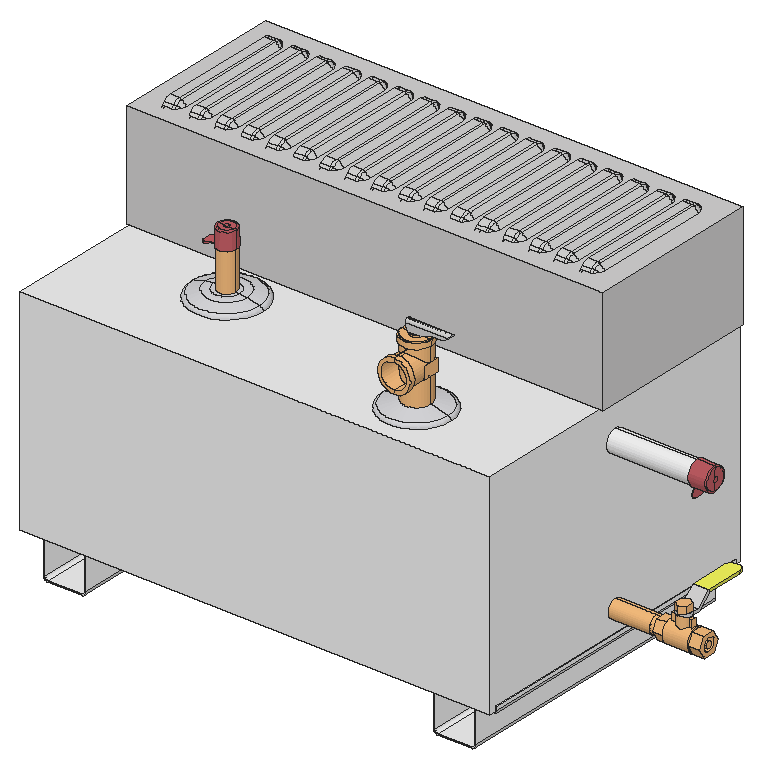
Revit family "Shower-Steam_Generator-KOHLER-Invigoration_Series-K-32328", category Plumbing Fixtures, host Face, Revit 2021 (continued)
Definition of nested family "K-32328"
  Lines and regions (in)
    Masking region 2
      outline origin (0, 0, 0) x (1, 0, 0) y (0, 0, 1)
        loop
          line (-8.96806, 4.8215) -> (-8.84613, 4.94343) -> (-8.84613, 5.37969) -> (-9.04298, 5.37969) -> (-9.04298, 5.68322)
          arc (-9.04298, 5.68322) -> (-9.02345, 5.78138) -> (-8.96785, 5.8646) r 0.25651
          line (-8.96785, 5.8646) -> (-8.84591, 5.98653) -> (-8.84591, 6.42279) -> (-9.04276, 6.42279) -> (-9.04276, 6.72632)
          arc (-9.04276, 6.72632) -> (-9.02324, 6.82448) -> (-8.96764, 6.90769) r 0.25651
          line (-8.96764, 6.90769) -> (-8.8457, 7.02963) -> (-8.8457, 7.46589) -> (-9.04255, 7.46589) -> (-9.04255, 7.76941)
          arc (-9.04255, 7.76941) -> (-9.02303, 7.86758) -> (-8.96742, 7.95079) r 0.25651
          line (-8.96742, 7.95079) -> (-8.84549, 8.07273) -> (-8.84549, 8.46199)
          arc (-8.84549, 8.46199) -> (-8.85054, 8.49091) -> (-8.85927, 8.51894) r 0.22767
          line (-8.85927, 8.51894) -> (-8.89475, 8.61134)
          arc (-8.89475, 8.61134) -> (-8.90291, 8.64358) -> (-8.90566, 8.67672) r 0.20122
          line (-8.90566, 8.67672) -> (-8.90566, 9.03915) -> (-8.90566, 9.33683) -> (-8.86622, 9.33683) -> (-8.86622, 9.48819)
          arc (-8.86622, 9.48819) -> (-8.84316, 9.54387) -> (-8.78748, 9.56693) r 0.07874
          arc (-8.78748, 9.56693) -> (-8.84316, 9.58999) -> (-8.86622, 9.64567) r 0.07874
          line (-8.86622, 9.64567) -> (-8.86622, 12.79703) -> (-8.90551, 12.79703) -> (-8.90551, 12.69562) -> (-8.9685, 12.69562) -> (-8.9685, 12.79013) -> (-9.22256, 12.79013) -> (-9.22256, 12.94788) -> (-8.9685, 12.94788) -> (-8.9685, 13.47515)
          arc (-8.9685, 13.47515) -> (-8.95005, 13.51969) -> (-8.90551, 13.53937) r 0.06299
          line (-8.90551, 13.53937) -> (-8.1811, 13.53937) -> (-8.1811, 13.73509) -> (-7.83239, 13.73509)
          arc (-7.83239, 13.73509) -> (-7.78719, 13.7261) -> (-7.74887, 13.7005) r 0.11811
          line (-7.74887, 13.7005) -> (-7.58775, 13.53937) -> (-7.19291, 13.53937) -> (-7.19291, 13.73509) -> (-6.8442, 13.73509)
          arc (-6.8442, 13.73509) -> (-6.799, 13.7261) -> (-6.76068, 13.7005) r 0.11811
          line (-6.76068, 13.7005) -> (-6.59956, 13.53937) -> (-6.21088, 13.53937) -> (-6.21088, 13.73509) -> (-5.86216, 13.73509)
          arc (-5.86216, 13.73509) -> (-5.81697, 13.7261) -> (-5.77865, 13.7005) r 0.11811
          line (-5.77865, 13.7005) -> (-5.61752, 13.53937) -> (-5.22576, 13.53937) -> (-5.22576, 13.73509) -> (-4.87705, 13.73509)
          arc (-4.87705, 13.73509) -> (-4.83185, 13.7261) -> (-4.79353, 13.7005) r 0.11811
          line (-4.79353, 13.7005) -> (-4.63241, 13.53937) -> (-4.24373, 13.53937) -> (-4.24373, 13.73509) -> (-3.89501, 13.73509)
          arc (-3.89501, 13.73509) -> (-3.84981, 13.7261) -> (-3.8115, 13.7005) r 0.11811
          line (-3.8115, 13.7005) -> (-3.65037, 13.53937) -> (-3.25554, 13.53937) -> (-3.25554, 13.73509) -> (-2.90682, 13.73509)
          arc (-2.90682, 13.73509) -> (-2.86163, 13.7261) -> (-2.82331, 13.7005) r 0.11811
          line (-2.82331, 13.7005) -> (-2.66218, 13.53937) -> (-2.27196, 13.53937) -> (-2.27196, 13.73509) -> (-1.92325, 13.73509)
          arc (-1.92325, 13.73509) -> (-1.87805, 13.7261) -> (-1.83973, 13.7005) r 0.11811
          line (-1.83973, 13.7005) -> (-1.6786, 13.53937) -> (-1.2849, 13.53937) -> (-1.2849, 13.73509) -> (-0.93619, 13.73509)
          arc (-0.93619, 13.73509) -> (-0.89099, 13.7261) -> (-0.85268, 13.7005) r 0.11811
          line (-0.85268, 13.7005) -> (-0.69155, 13.53937) -> (-0.30527, 13.53937) -> (-0.30527, 13.73509) -> (0.04345, 13.73509)
          arc (0.04345, 13.73509) -> (0.08864, 13.7261) -> (0.12696, 13.7005) r 0.11811
          line (0.12696, 13.7005) -> (0.28809, 13.53937) -> (0.68102, 13.53937) -> (0.68102, 13.73509) -> (1.02973, 13.73509)
          arc (1.02973, 13.73509) -> (1.07493, 13.7261) -> (1.11325, 13.7005) r 0.11811
          line (1.11325, 13.7005) -> (1.27438, 13.53937) -> (1.665, 13.53937) -> (1.665, 13.73509) -> (2.01372, 13.73509)
          arc (2.01372, 13.73509) -> (2.05891, 13.7261) -> (2.09723, 13.7005) r 0.11811
          line (2.09723, 13.7005) -> (2.25836, 13.53937) -> (2.64975, 13.53937) -> (2.64975, 13.73509) -> (2.99847, 13.73509)
          arc (2.99847, 13.73509) -> (3.04366, 13.7261) -> (3.08198, 13.7005) r 0.11811
          line (3.08198, 13.7005) -> (3.24311, 13.53937) -> (3.63374, 13.53937) -> (3.63374, 13.73509) -> (3.98245, 13.73509)
          arc (3.98245, 13.73509) -> (4.02765, 13.7261) -> (4.06596, 13.7005) r 0.11811
          line (4.06596, 13.7005) -> (4.22709, 13.53937) -> (4.61849, 13.53937) -> (4.61849, 13.73509) -> (4.9672, 13.73509)
          arc (4.9672, 13.73509) -> (5.0124, 13.7261) -> (5.05071, 13.7005) r 0.11811
          line (5.05071, 13.7005) -> (5.21184, 13.53937) -> (5.60324, 13.53937) -> (5.60324, 13.73509) -> (5.95195, 13.73509)
          arc (5.95195, 13.73509) -> (5.99715, 13.7261) -> (6.03546, 13.7005) r 0.11811
          line (6.03546, 13.7005) -> (6.19659, 13.53937) -> (6.58568, 13.53937) -> (6.58568, 13.73509) -> (6.93439, 13.73509)
          arc (6.93439, 13.73509) -> (6.97959, 13.7261) -> (7.01791, 13.7005) r 0.11811
          line (7.01791, 13.7005) -> (7.17904, 13.53937) -> (7.5712, 13.53937) -> (7.5712, 13.73509) -> (7.91991, 13.73509)
          arc (7.91991, 13.73509) -> (7.96511, 13.7261) -> (8.00343, 13.7005) r 0.11811
          line (8.00343, 13.7005) -> (8.16455, 13.53937) -> (8.90551, 13.53937)
          arc (8.90551, 13.53937) -> (8.95005, 13.52092) -> (8.9685, 13.47638) r 0.06299
          line (8.9685, 13.47638) -> (8.9685, 12.69562) -> (8.86614, 12.69562) -> (8.86614, 9.64567)
          arc (8.86614, 9.64567) -> (8.84308, 9.58999) -> (8.7874, 9.56693) r 0.07874
          arc (8.7874, 9.56693) -> (8.84308, 9.54387) -> (8.86614, 9.48819) r 0.07874
          line (8.86614, 9.48819) -> (8.86614, 9.33662) -> (8.90551, 9.33662) -> (8.90551, 8.63656) -> (11.91339, 8.63656) -> (11.9685, 8.63469) -> (11.9685, 8.67413) -> (12.59586, 8.65222)
          arc (12.59586, 8.65222) -> (12.62281, 8.64022) -> (12.63386, 8.61287) r 0.03937
          line (12.63386, 8.61287) -> (12.63386, 8.22441) -> (12.63386, 7.83595)
          arc (12.63386, 7.83595) -> (12.62281, 7.8086) -> (12.59586, 7.7966) r 0.03937
          line (12.59586, 7.7966) -> (12.00244, 7.77588) -> (12.00244, 7.4267) -> (11.9685, 7.4267) -> (11.9685, 7.77469) -> (11.9685, 7.81412) -> (11.91339, 7.81225) -> (8.86614, 7.81225) -> (8.86614, 2.89247) -> (10.43701, 2.89247) -> (10.61381, 2.88699) -> (10.61381, 2.9401) -> (10.98905, 2.9401) -> (10.98905, 2.98291) -> (11.08211, 2.98204) -> (11.08211, 3.25783) -> (11.20932, 3.25783) -> (11.20932, 3.30684) -> (11.15807, 3.30684) -> (11.15807, 3.40685) -> (11.15807, 3.8346) -> (11.75843, 3.8346) -> (11.75843, 3.40685) -> (11.75843, 3.30684) -> (11.70719, 3.30684) -> (11.70719, 3.25783) -> (11.8344, 3.25783) -> (11.8344, 2.98204) -> (11.92745, 2.98291) -> (11.92745, 2.9401) -> (12.39272, 2.9401) -> (12.39272, 2.55906) -> (12.39272, 2.17801) -> (11.92745, 2.17801) -> (11.92745, 2.13128) -> (10.98905, 2.13128) -> (10.98905, 2.176) -> (10.61353, 2.176) -> (10.61353, 2.22922) -> (10.43701, 2.22318) -> (8.86614, 2.22318) -> (8.86614, 1.54208)
          arc (8.86614, 1.54208) -> (8.87773, 1.55597) -> (8.88189, 1.57357) r 0.03937
          line (8.88189, 1.57357) -> (8.88189, 1.73105) -> (8.92126, 1.73105) -> (8.92126, 1.57357)
          arc (8.92126, 1.57357) -> (8.8982, 1.5179) -> (8.84252, 1.49483) r 0.07874
          line (8.84252, 1.49483) -> (8.24803, 1.49483)
          arc (8.24803, 1.49483) -> (8.16451, 1.46024) -> (8.12992, 1.37672) r 0.11811
          line (8.12992, 1.37672) -> (8.12992, 0.15748)
          arc (8.12992, 0.15748) -> (8.0838, 0.04612) -> (7.97244, 0) r 0.15748
          line (7.97244, 0) -> (6.70472, 0)
          arc (6.70472, 0) -> (6.59337, 0.04612) -> (6.54724, 0.15748) r 0.15748
          line (6.54724, 0.15748) -> (6.54724, 1.37672)
          arc (6.54724, 1.37672) -> (6.51265, 1.46024) -> (6.42913, 1.49483) r 0.11811
          line (6.42913, 1.49483) -> (6.0748, 1.49483) -> (6.0748, 1.5342) -> (-6.0748, 1.5342) -> (-6.0748, 1.49483) -> (-6.42913, 1.49483)
          arc (-6.42913, 1.49483) -> (-6.51265, 1.46024) -> (-6.54724, 1.37672) r 0.11811
          line (-6.54724, 1.37672) -> (-6.54724, 0.15748)
          arc (-6.54724, 0.15748) -> (-6.59337, 0.04612) -> (-6.70472, 0) r 0.15748
          line (-6.70472, 0) -> (-7.97244, 0)
          arc (-7.97244, 0) -> (-8.0838, 0.04612) -> (-8.12992, 0.15748) r 0.15748
          line (-8.12992, 0.15748) -> (-8.12992, 1.37672)
          arc (-8.12992, 1.37672) -> (-8.16451, 1.46024) -> (-8.24803, 1.49483) r 0.11811
          line (-8.24803, 1.49483) -> (-8.84252, 1.49483)
          arc (-8.84252, 1.49483) -> (-8.8982, 1.5179) -> (-8.92126, 1.57357) r 0.07874
          line (-8.92126, 1.57357) -> (-8.92126, 1.73105) -> (-8.88189, 1.73105) -> (-8.88189, 1.57357)
          arc (-8.88189, 1.57357) -> (-8.87036, 1.54573) -> (-8.84252, 1.5342) r 0.03937
        loop
          line (8.24803, 1.5342) -> (6.42913, 1.5342)
          arc (6.42913, 1.5342) -> (6.54049, 1.48808) -> (6.58661, 1.37672) r 0.15748
          line (6.58661, 1.37672) -> (6.58661, 0.15625)
          arc (6.58661, 0.15625) -> (6.62121, 0.07273) -> (6.70472, 0.03814) r 0.11811
          line (6.70472, 0.03814) -> (7.97244, 0.03814)
          arc (7.97244, 0.03814) -> (8.05596, 0.07273) -> (8.09055, 0.15625) r 0.11811
          line (8.09055, 0.15625) -> (8.09055, 1.37672)
          arc (8.09055, 1.37672) -> (8.13668, 1.48808) -> (8.24803, 1.5342) r 0.15748
        loop
          arc (-8.24803, 1.5342) -> (-8.13668, 1.48808) -> (-8.09055, 1.37672) r 0.15748
          line (-8.09055, 1.37672) -> (-8.09055, 0.15625)
          arc (-8.09055, 0.15625) -> (-8.05596, 0.07273) -> (-7.97244, 0.03814) r 0.11811
          line (-7.97244, 0.03814) -> (-6.70472, 0.03814)
          arc (-6.70472, 0.03814) -> (-6.62121, 0.07273) -> (-6.58661, 0.15625) r 0.11811
          line (-6.58661, 0.15625) -> (-6.58661, 1.37672)
          arc (-6.58661, 1.37672) -> (-6.54049, 1.48808) -> (-6.42913, 1.5342) r 0.15748
          line (-6.42913, 1.5342) -> (-8.24803, 1.5342)
    Masking region 3
      outline origin (0, 0, 0) x (1, 0, 0) y (0, 1, 0)
        loop
          line (-8.9685, 5.86811) -> (-8.9685, 5.75009) -> (-9.22301, 5.75009) -> (-9.22301, 5.59248) -> (-8.9685, 5.59248) -> (-8.9685, 5.11323)
          arc (-8.9685, 5.11323) -> (-9.02383, 5.03327) -> (-9.04331, 4.93801) r 0.2426
          line (-9.04331, 4.93801) -> (-9.04331, 3.13637)
          arc (-9.04331, 3.13637) -> (-9.02379, 3.04283) -> (-8.9685, 2.9649) r 0.23393
          line (-8.9685, 2.9649) -> (-8.9685, -0.70669) -> (-8.92126, -0.70669) -> (-8.92126, -2.93435) -> (-8.97074, -2.98383)
          arc (-8.97074, -2.98383) -> (-9.02445, -3.06421) -> (-9.04331, -3.15903) r 0.24776
          line (-9.04331, -3.15903) -> (-9.04331, -4.95923)
          arc (-9.04331, -4.95923) -> (-9.02533, -5.04963) -> (-8.97412, -5.12626) r 0.23622
          line (-8.97412, -5.12626) -> (-8.92126, -5.17912) -> (-8.92126, -5.63974) -> (-8.86618, -5.63974) -> (-8.86618, -5.86811) -> (8.92126, -5.86811) -> (8.92126, -0.70667) -> (8.9685, -0.70667) -> (8.9685, -0.42325) -> (10.61417, -0.42325) -> (10.61417, -0.45402) -> (10.98889, -0.45402) -> (10.98889, -0.42325) -> (11.96844, -0.42325) -> (11.96844, -0.45992) -> (12.59586, -0.43801)
          arc (12.59586, -0.43801) -> (12.62281, -0.42601) -> (12.63386, -0.39866) r 0.03937
          line (12.63386, -0.39866) -> (12.63386, -0.00984) -> (12.63386, 0.37898)
          arc (12.63386, 0.37898) -> (12.62281, 0.40633) -> (12.59586, 0.41832) r 0.03937
          line (12.59586, 0.41832) -> (11.96844, 0.44023) -> (11.96844, 0.40357) -> (11.758, 0.40357) -> (11.758, 2.23515)
          arc (11.758, 2.23515) -> (11.45813, 2.53502) -> (11.15826, 2.23515) r 0.29987
          line (11.15826, 2.23515) -> (11.15826, 0.40357) -> (10.98889, 0.40357) -> (10.98889, 0.43433) -> (10.61417, 0.43433) -> (10.61417, 0.40357) -> (8.9685, 0.40357) -> (8.9685, 5.86811) -> (-8.9685, 5.86811)
    symbolic lines, detail levels medium+fine
      curve 1: line (0, -3.92137, 12.11615) -> (0, -3.95316, 12.11615)
      curve 2: line (0, -3.92137, 12.11615) -> (0, -3.92137, 12.38217)
      curve 3: line (0, -4.09019, 12.11615) -> (0, -4.09019, 12.38217)
      curve 4: line (0, -3.95316, 12.11615) -> (0, -4.0584, 12.11615)
      curve 5: line (0, -3.95316, 12.11615) -> (0, -3.95316, 12.23592)
      curve 6: line (0, -4.0584, 12.11615) -> (0, -4.0584, 12.23592)
      curve 7: line (0, -4.0584, 12.11615) -> (0, -4.09019, 12.11615)
      curve 8: arc (0, -3.93239, 12.33255) -> (0, -4.00578, 12.38027) -> (0, -4.07918, 12.33255) r 0.0803
      curve 9: arc (0, -4.0584, 12.23592) -> (0, -4.04859, 12.28858) -> (0, -4.07918, 12.33255) r 0.06945
      curve 10: arc (0, -3.95316, 12.23592) -> (0, -3.96297, 12.28857) -> (0, -3.93239, 12.33255) r 0.06945
      curve 11: line (0, 5.62992, 1.53543) -> (0, -5.63976, 1.53543)
      curve 12: line (0, 5.62992, 1.49483) -> (0, -5.63976, 1.49483)
      curve 13: arc (0, 5.76971, 12.86885) -> (0, 5.67128, 12.77042) -> (0, 5.57286, 12.86885) r 0.09843
      curve 14: arc (0, 5.57286, 12.86885) -> (0, 5.67128, 12.96727) -> (0, 5.76971, 12.86885) r 0.09843
      curve 15: arc (0, 5.75002, 12.86885) -> (0, 5.67128, 12.94759) -> (0, 5.59254, 12.86885) r 0.07874
      curve 16: arc (0, 5.59254, 12.86885) -> (0, 5.67128, 12.79011) -> (0, 5.75002, 12.86885) r 0.07874
      curve 17: line (0, -5.26279, 9.56693) -> (0, -1.04434, 9.56693)
      curve 18: arc (0, -2.85366, 9.70264) -> (0, -3.00272, 9.74952) -> (0, -3.1535, 9.79048) r 3.96332
      curve 19: arc (0, -2.74899, 9.56693) -> (0, -2.78073, 9.65067) -> (0, -2.85366, 9.70264) r 0.15416
      curve 20: line (0, -4.53708, 9.85827) -> (0, -3.47464, 9.85768)
      curve 21: line (0, -5.16334, 9.69925) -> (0, -2.85366, 9.70264)
      curve 22: line (0, -2.67757, 9.86102) -> (0, -2.00784, 9.86102)
      curve 23: line (0, -1.11089, 9.68361) -> (0, -2.85366, 9.70264)
      curve 24: line (0, -3.69162, 11.29819) -> (0, -4.32094, 11.29819)
      curve 25: line (0, -4.32094, 11.29819) -> (0, -4.32094, 10.84562)
      curve 26: line (0, -4.32094, 10.84562) -> (0, -3.69162, 10.84562)
      curve 27: line (0, -3.69162, 10.84562) -> (0, -3.69162, 11.29819)
      curve 28: arc (0, -4.53708, 11.67202) -> (0, -4.36978, 11.52003) -> (0, -4.19106, 11.38167) r 2.87177
      curve 29: arc (0, -4.19106, 11.38167) -> (0, -4.10275, 11.33089) -> (0, -4.00628, 11.29819) r 0.52302
      curve 30: arc (0, -4.53708, 10.5327) -> (0, -4.41963, 10.63853) -> (0, -4.299, 10.74071) r 5.1795
      curve 31: arc (0, -4.299, 10.74071) -> (0, -4.2257, 10.79617) -> (0, -4.14821, 10.84562) r 1.15289
      curve 32: line (0, -4.87186, 11.67202) -> (0, -4.87186, 10.5327)
      curve 33: line (0, -4.53708, 11.84909) -> (0, -3.47464, 11.84909)
      curve 34: line (0, -4.53743, 12.04594) -> (0, -3.47428, 12.04594)
      curve 35: line (0, -4.24209, 12.0854) -> (0, -3.76962, 12.0854)
      curve 36: line (0, -4.12396, 12.11615) -> (0, -4.09019, 12.11615)
      curve 37: line (0, -3.92137, 12.11615) -> (0, -3.88776, 12.11615)
      curve 38: arc (0, -4.09019, 12.38217) -> (0, -4.00578, 12.46658) -> (0, -3.92137, 12.38217) r 0.08441
      curve 39: line (0, -2.67757, 11.31999) -> (0, -2.00784, 11.31999)
      curve 40: line (0, -2.6932, 11.94186) -> (0, -1.99221, 11.94186)
      curve 41: line (0, -0.27308, 3.65714) -> (0, 0.25261, 3.65714)
      curve 42: line (0, 0.25261, 3.65714) -> (0, 0.25261, 3.40693)
      curve 43: line (0, 0.25261, 3.40693) -> (0, 0.30593, 3.40693)
      curve 44: line (0, 0.30593, 3.40693) -> (0, 0.80959, 3.83434)
      curve 45: line (0, 0.80959, 3.83434) -> (0, 2.53801, 3.83434)
      curve 46: line (0, 2.53801, 3.83434) -> (0, 2.53801, 3.73467)
      curve 47: line (0, 2.53801, 3.73467) -> (0, 0.84662, 3.73467)
      curve 48: line (0, 0.84662, 3.73467) -> (0, 0.34247, 3.30685)
      curve 49: line (0, 0.23874, 3.30685) -> (0, 0.34247, 3.30685)
      curve 50: line (0, 0.23874, 3.30685) -> (0, 0.23874, 2.899)
      curve 51: arc (0, 0.17718, 2.93638) -> (0, -0.00984, 2.98019) -> (0, -0.19686, 2.93638) r 0.42113
      curve 52: line (0, -0.22769, 2.93638) -> (0, -0.24311, 2.90969)
      curve 53: line (0, -0.44554, 2.55906) -> (0, -0.43013, 2.53236)
      curve 54: line (0, -0.22769, 2.18173) -> (0, -0.19686, 2.18173)
      curve 55: line (0, 0.20801, 2.18173) -> (0, 0.22342, 2.20843)
      curve 56: line (0, 0.42586, 2.55906) -> (0, 0.41044, 2.58575)
      curve 57: line (0, 0.20801, 2.93638) -> (0, 0.17718, 2.93638)
      curve 58: line (0, 0.17718, 2.93638) -> (0, -0.19686, 2.93638)
      curve 59: line (0, 0.22342, 2.90969) -> (0, 0.20801, 2.93638)
      curve 60: line (0, 0.41044, 2.58575) -> (0, 0.22342, 2.90969)
      curve 61: arc (0, 0.41044, 2.58575) -> (0, 0.35487, 2.76962) -> (0, 0.22342, 2.90969) r 0.42113
      curve 62: line (0, 0.41044, 2.53236) -> (0, 0.42586, 2.55906)
      curve 63: line (0, 0.22342, 2.20843) -> (0, 0.41044, 2.53236)
      curve 64: arc (0, 0.22342, 2.20843) -> (0, 0.31935, 2.29641) -> (0, 0.38384, 2.40948) r 0.42113
      curve 65: line (0, 0.17718, 2.18173) -> (0, 0.20801, 2.18173)
      curve 66: line (0, -0.19686, 2.18173) -> (0, 0.17718, 2.18173)
      curve 67: arc (0, -0.19686, 2.18173) -> (0, -0.00984, 2.13792) -> (0, 0.17718, 2.18173) r 0.42113
      curve 68: line (0, -0.24311, 2.20843) -> (0, -0.22769, 2.18173)
      curve 69: line (0, -0.43013, 2.53236) -> (0, -0.24311, 2.20843)
      curve 70: arc (0, -0.43013, 2.53236) -> (0, -0.42144, 2.46992) -> (0, -0.40352, 2.40948) r 0.42113
      curve 71: line (0, -0.43013, 2.58575) -> (0, -0.44554, 2.55906)
      curve 72: line (0, -0.24311, 2.90969) -> (0, -0.43013, 2.58575)
      curve 73: arc (0, -0.24311, 2.90969) -> (0, -0.37456, 2.76962) -> (0, -0.43013, 2.58575) r 0.42113
      curve 74: line (0, -0.19686, 2.93638) -> (0, -0.22769, 2.93638)
      curve 75: circle (0, -0.00984, 2.55906) r 0.29715 normal (1, 0, 0)
      curve 76: circle (0, -0.00984, 2.55906) r 0.25074 normal (1, 0, 0)
      curve 77: line (0, -0.40352, 1.73105) -> (0, -0.40352, 2.40948)
      curve 78: arc (0, -0.40352, 2.40948) -> (0, -0.33904, 2.29641) -> (0, -0.24311, 2.20843) r 0.42113
      curve 79: line (0, 0.38384, 1.73105) -> (0, 0.38384, 2.40948)
      curve 80: arc (0, 0.38384, 2.40948) -> (0, 0.40175, 2.46992) -> (0, 0.41044, 2.53236) r 0.42113
      curve 81: line (0, -5.63976, 1.73105) -> (0, -5.63976, 1.53543)
      curve 82: line (0, -5.63976, 1.73105) -> (0, 5.62992, 1.73105)
      curve 83: line (0, 5.62992, 1.73105) -> (0, 5.62992, 1.53543)
      curve 84: circle (0, 2.57772, 10.82159) r 0.86614 normal (1, 0, 0)
      curve 85: line (0, -0.50195, 9.33662) -> (0, -5.86811, 9.33662)
      curve 86: line (0, -0.50195, 9.33662) -> (0, -0.50195, 7.99498)
      curve 87: arc (0, 0.48231, 7.99498) -> (0, 0.41647, 7.74908) -> (0, 0.23657, 7.56898) r 0.49213
      curve 88: line (0, 0.48231, 7.99498) -> (0, 0.48231, 9.33662)
      curve 89: line (0, 5.86811, 9.33662) -> (0, 0.48231, 9.33662)
      curve 90: circle (0, -0.00984, 8.22441) r 0.44757 normal (1, 0, 0)
      curve 91: circle (0, -0.00984, 8.22441) r 0.38747 normal (1, 0, 0)
      curve 92: arc (0, -0.25651, 7.56915) -> (0, -0.43619, 7.74923) -> (0, -0.50195, 7.99498) r 0.49213
      curve 93: line (0, -0.00984, 7.42676) -> (0, -0.11094, 7.42676)
      curve 94: line (0, -0.00984, 7.42676) -> (0, 0.09126, 7.42676)
      curve 95: arc (0, -0.11094, 7.42676) -> (0, -0.21276, 7.46828) -> (0, -0.25651, 7.56915) r 0.14561
      curve 96: arc (0, 0.09126, 7.42676) -> (0, 0.19292, 7.46823) -> (0, 0.23657, 7.56898) r 0.14535
      curve 97: line (0, -0.16101, 7.80315) -> (0, -0.16101, 7.72243)
      curve 98: arc (0, -0.25651, 7.56915) -> (0, -0.25203, 7.62152) -> (0, -0.22808, 7.6683) r 0.13645
      curve 99: arc (0, -0.22808, 7.6683) -> (0, -0.1976, 7.69915) -> (0, -0.16101, 7.72243) r 0.19323
      curve 100: arc (0, 0.23683, 7.56915) -> (0, 0.23234, 7.62152) -> (0, 0.20839, 7.6683) r 0.13645
      curve 101: arc (0, 0.20839, 7.6683) -> (0, 0.17792, 7.69915) -> (0, 0.14133, 7.72243) r 0.19323
      curve 102: line (0, -0.16432, 7.64845) -> (0, 0.14383, 7.64845)
      curve 103: line (0, 0.14383, 7.60112) -> (0, -0.16432, 7.60112)
      curve 104: arc (0, -0.16432, 7.60112) -> (0, -0.18798, 7.62479) -> (0, -0.16432, 7.64845) r 0.02366
      curve 105: arc (0, 0.14383, 7.64845) -> (0, 0.16749, 7.62479) -> (0, 0.14383, 7.60112) r 0.02366
      curve 106: line (0, -0.16432, 7.55776) -> (0, 0.14383, 7.55776)
      curve 107: line (0, 0.14383, 7.51044) -> (0, -0.16432, 7.51044)
      curve 108: arc (0, -0.16432, 7.51044) -> (0, -0.18798, 7.5341) -> (0, -0.16432, 7.55776) r 0.02366
      curve 109: arc (0, 0.14383, 7.55776) -> (0, 0.16749, 7.5341) -> (0, 0.14383, 7.51044) r 0.02366
      curve 110: arc (0, 5.43309, 9.05389) -> (0, 5.50199, 9.12279) -> (0, 5.57089, 9.05389) r 0.0689
      curve 111: arc (0, 5.57089, 9.05389) -> (0, 5.50199, 8.98499) -> (0, 5.43309, 9.05389) r 0.0689
      curve 112: arc (0, 5.60042, 9.05389) -> (0, 5.50199, 9.15231) -> (0, 5.40357, 9.05389) r 0.09843
      curve 113: arc (0, 5.40357, 9.05389) -> (0, 5.50199, 8.95546) -> (0, 5.60042, 9.05389) r 0.09843
      curve 114: arc (0, -5.42321, 9.05389) -> (0, -5.52163, 9.15231) -> (0, -5.62006, 9.05389) r 0.09843
      curve 115: arc (0, -5.62006, 9.05389) -> (0, -5.52163, 8.95546) -> (0, -5.42321, 9.05389) r 0.09843
      curve 116: arc (0, -5.59053, 9.05389) -> (0, -5.52163, 8.98499) -> (0, -5.45273, 9.05389) r 0.0689
      curve 117: arc (0, -5.45273, 9.05389) -> (0, -5.52163, 9.12279) -> (0, -5.59053, 9.05389) r 0.0689
      curve 118: line (0, -0.27308, 3.65714) -> (0, -0.27308, 3.40693)
      curve 119: line (0, -0.2592, 3.30685) -> (0, -0.2592, 2.89843)
      curve 120: line (0, -0.27308, 3.40693) -> (0, -0.22793, 3.40693)
      curve 121: line (0, -0.22793, 3.40693) -> (0, -0.22793, 3.30685)
      curve 122: line (0, -0.2592, 3.30685) -> (0, -0.22793, 3.30685)
      curve 123: line (0, -0.22793, 3.40693) -> (0, 0.25261, 3.40693)
      curve 124: line (0, -0.22793, 3.30685) -> (0, 0.23874, 3.30685)
      curve 125: line (0, 2.23618, 3.83434) -> (0, 2.23618, 3.73467)
      curve 126: line (0, -0.59307, 9.56693) -> (0, 5.86811, 9.56693)
      curve 127: line (0, -0.64368, 9.62869) -> (0, 5.86811, 9.62869)
      curve 128: line (11.9685, 0, 7.77469) -> (12.00244, 0, 7.77588)
      curve 129: line (11.9685, 0, 8.63469) -> (11.9685, 0, 7.81412)
      curve 130: line (11.15807, 0, 3.40685) -> (11.22757, 0, 3.40685)
      curve 131: line (11.75843, 0, 3.40685) -> (11.6886, 0, 3.40685)
      curve 132: line (11.22757, 0, 3.65737) -> (11.6886, 0, 3.65737)
      curve 133: line (11.22757, 0, 3.40685) -> (11.22757, 0, 3.65737)
      curve 134: line (11.6886, 0, 3.40685) -> (11.22757, 0, 3.40685)
      curve 135: line (11.6886, 0, 3.65737) -> (11.6886, 0, 3.40685)
      curve 136: line (11.46365, 0, 3.65737) -> (11.46365, 0, 3.40685)
      curve 137: line (11.20932, 0, 3.30684) -> (11.70719, 0, 3.30684)
      curve 138: line (11.70719, 0, 3.25783) -> (11.67429, 0, 3.25783)
      curve 139: line (11.67429, 0, 3.25783) -> (11.67429, 0, 2.9521)
      curve 140: line (11.20932, 0, 3.25783) -> (11.24222, 0, 3.25783)
      curve 141: line (11.24222, 0, 3.25783) -> (11.24222, 0, 2.96143)
      curve 142: arc (11.24222, 0, 2.96143) -> (11.45687, 0, 2.89256) -> (11.67429, 0, 2.9521) r 0.39565
      curve 143: line (11.24222, 0, 2.96143) -> (11.08211, 0, 2.98204)
      curve 144: line (11.67429, 0, 2.9521) -> (11.8344, 0, 2.98204)
      curve 145: line (6.42913, 0, 1.5342) -> (6.0748, 0, 1.5342)
      curve 146: line (8.24803, 0, 1.5342) -> (8.84646, 0, 1.5342)
      curve 147: line (-6.42913, 0, 1.5342) -> (-6.0748, 0, 1.5342)
      curve 148: line (-8.24803, 0, 1.5342) -> (-8.84676, 0, 1.5342)
      curve 149: line (-8.1811, 0, 13.53937) -> (-7.58775, 0, 13.53937)
      curve 150: line (-7.19291, 0, 13.53937) -> (-6.59956, 0, 13.53937)
      curve 151: line (-6.21088, 0, 13.53937) -> (-5.61752, 0, 13.53937)
      curve 152: line (-5.22576, 0, 13.53937) -> (-4.63241, 0, 13.53937)
      curve 153: line (-4.24373, 0, 13.53937) -> (-3.65037, 0, 13.53937)
      curve 154: line (-3.25554, 0, 13.53937) -> (-2.66218, 0, 13.53937)
      curve 155: line (-2.27196, 0, 13.53937) -> (-1.6786, 0, 13.53937)
      curve 156: line (-1.2849, 0, 13.53937) -> (-0.69155, 0, 13.53937)
      curve 157: line (-0.30527, 0, 13.53937) -> (0.28809, 0, 13.53937)
      curve 158: line (0.68102, 0, 13.53937) -> (1.27438, 0, 13.53937)
      curve 159: line (1.665, 0, 13.53937) -> (2.25836, 0, 13.53937)
      curve 160: line (2.64975, 0, 13.53937) -> (3.24311, 0, 13.53937)
      curve 161: line (3.63374, 0, 13.53937) -> (4.22709, 0, 13.53937)
      curve 162: line (4.61849, 0, 13.53937) -> (5.21184, 0, 13.53937)
      curve 163: line (5.60324, 0, 13.53937) -> (6.19659, 0, 13.53937)
      curve 164: line (6.58568, 0, 13.53937) -> (7.17904, 0, 13.53937)
      curve 165: line (7.5712, 0, 13.53937) -> (8.16455, 0, 13.53937)
      curve 166: arc (-5.17077, 0, 9.6993) -> (-4.8561, 0, 9.79049) -> (-4.53546, 0, 9.8577) r 4.34168
      curve 167: line (-4.24321, 0, 9.86206) -> (-4.45119, 0, 9.86206)
      curve 168: line (-8.9685, 0, 12.94788) -> (-8.9685, 0, 12.79013)
      curve 169: line (-8.90551, 0, 12.79703) -> (-8.90551, 0, 13.47515)
      curve 170: line (8.7874, 0, 13.47515) -> (-8.90551, 0, 13.47515)
      curve 171: line (8.7874, 0, 9.56693) -> (-8.37711, 0, 9.56693)
      curve 172: line (8.90551, 0, 8.63656) -> (8.86614, 0, 8.53069)
      curve 173: line (8.86614, 0, 9.33662) -> (8.86614, 0, 8.66907)
      curve 174: arc (8.85862, 0, 8.6276) -> (8.86425, 0, 8.648) -> (8.86614, 0, 8.66907) r 0.11811
      curve 175: line (8.85862, 0, 8.6276) -> (8.81711, 0, 8.5169)
      curve 176: arc (8.80855, 0, 8.48302) -> (8.81189, 0, 8.5002) -> (8.81711, 0, 8.5169) r 0.15748
      curve 177: line (8.86614, 0, 8.66907) -> (8.7874, 0, 8.66907)
      curve 178: line (8.7874, 0, 9.56693) -> (8.7874, 0, 8.66907)
      curve 179: line (8.7874, 0, 9.56693) -> (8.7874, 0, 13.47515)
      curve 180: arc (3.39933, 0, 9.70265) -> (3.70837, 0, 9.79387) -> (4.02405, 0, 9.85852) r 3.79209
      curve 181: arc (4.02405, 0, 9.85852) -> (4.03943, 0, 9.86037) -> (4.05491, 0, 9.86098) r 0.19356
      curve 182: line (4.05491, 0, 9.86098) -> (4.05491, 0, 10.80096)
      curve 183: arc (4.05491, 0, 10.80096) -> (4.04103, 0, 10.82211) -> (4.02965, 0, 10.84471) r 0.22212
      curve 184: arc (4.02965, 0, 10.84471) -> (3.98858, 0, 10.9708) -> (3.972, 0, 11.10236) r 0.70082
      curve 185: arc (3.972, 0, 11.10236) -> (3.99001, 0, 11.25524) -> (4.05182, 0, 11.39622) r 0.5222
      curve 186: line (4.05182, 0, 11.39622) -> (4.05495, 0, 11.84899)
      curve 187: line (4.05495, 0, 11.84899) -> (4.01148, 0, 11.84899)
      curve 188: line (4.01148, 0, 11.84899) -> (4.01148, 0, 12.04585)
      curve 189: line (4.01148, 0, 12.04585) -> (4.05501, 0, 12.04585)
      curve 190: line (4.05501, 0, 12.04585) -> (4.05501, 0, 12.08544)
      curve 191: line (4.05501, 0, 12.08544) -> (4.34625, 0, 12.08544)
      curve 192: line (4.34625, 0, 12.08544) -> (4.34625, 0, 12.11619)
      curve 193: line (4.26758, 0, 12.49885) -> (4.29264, 0, 12.24879)
      curve 194: arc (4.29264, 0, 12.24879) -> (4.30995, 0, 12.17865) -> (4.34625, 0, 12.11619) r 0.25492
      curve 195: line (5.11349, 0, 9.86098) -> (5.11349, 0, 10.80096)
      curve 196: arc (5.11349, 0, 10.80096) -> (5.12737, 0, 10.82211) -> (5.13875, 0, 10.84471) r 0.22212
      curve 197: arc (5.13875, 0, 10.84471) -> (5.17982, 0, 10.9708) -> (5.1964, 0, 11.10236) r 0.70082
      curve 198: arc (5.1964, 0, 11.10236) -> (5.17839, 0, 11.25524) -> (5.11658, 0, 11.39622) r 0.5222
      curve 199: line (5.11658, 0, 11.39622) -> (5.11345, 0, 11.84899)
      curve 200: line (5.11345, 0, 11.84899) -> (5.15692, 0, 11.84899)
      curve 201: line (5.15692, 0, 11.84899) -> (5.15692, 0, 12.04585)
      curve 202: line (5.15692, 0, 12.04585) -> (5.11339, 0, 12.04585)
      curve 203: line (5.11339, 0, 12.04585) -> (5.11339, 0, 12.08544)
      curve 204: line (5.11339, 0, 12.08544) -> (4.8506, 0, 12.08544)
      curve 205: line (4.8506, 0, 12.08544) -> (4.8506, 0, 12.11619)
      curve 206: arc (4.8506, 0, 12.11619) -> (5.00044, 0, 12.17857) -> (5.15692, 0, 12.22167) r 1.29184
      curve 207: arc (5.15692, 0, 12.22167) -> (5.34784, 0, 12.25166) -> (5.54081, 0, 12.26241) r 1.93032
      curve 208: arc (5.54081, 0, 12.26241) -> (5.71076, 0, 12.29322) -> (5.86005, 0, 12.38009) r 0.49939
      curve 209: arc (5.86005, 0, 12.38009) -> (5.90913, 0, 12.43402) -> (5.9425, 0, 12.49885) r 0.27795
      curve 210: line (4.26758, 0, 12.49885) -> (5.9425, 0, 12.49885)
      curve 211: line (5.86005, 0, 12.38009) -> (4.27948, 0, 12.38009)
      curve 212: circle (4.58235, 0, 12.28254) r 0.04971 normal (0, -1, 0)
      curve 213: arc (4.11094, 0, 11.30424) -> (4.07079, 0, 11.10236) -> (4.11094, 0, 10.90049) r 0.52764
      curve 214: line (4.05491, 0, 9.86098) -> (5.11349, 0, 9.86098)
      curve 215: arc (5.11349, 0, 9.86098) -> (5.42779, 0, 9.78892) -> (5.73251, 0, 9.68348) r 2.99461
      curve 216: arc (5.73251, 0, 9.68348) -> (5.75977, 0, 9.66788) -> (5.78197, 0, 9.64567) r 0.11852
      curve 217: arc (3.29004, 0, 9.56693) -> (3.32505, 0, 9.6506) -> (3.39933, 0, 9.70265) r 0.16314
      curve 218: line (3.39933, 0, 9.70265) -> (5.73251, 0, 9.68348)
      curve 219: arc (4.05182, 0, 11.39622) -> (4.5842, 0, 11.71727) -> (5.11658, 0, 11.39622) r 0.60193
      curve 220: arc (4.05491, 0, 10.80096) -> (4.5842, 0, 10.48652) -> (5.11349, 0, 10.80096) r 0.6027
      curve 221: line (4.11094, 0, 11.30424) -> (4.11094, 0, 10.90049)
      curve 222: arc (4.11094, 0, 10.90049) -> (4.59843, 0, 10.57473) -> (5.08591, 0, 10.90049) r 0.52764
      curve 223: line (5.08591, 0, 11.30424) -> (5.08591, 0, 10.90049)
      curve 224: arc (5.08591, 0, 11.30424) -> (4.59843, 0, 11.63) -> (4.11094, 0, 11.30424) r 0.52764
      curve 225: arc (5.08591, 0, 10.90049) -> (5.12606, 0, 11.10236) -> (5.08591, 0, 11.30424) r 0.52764
      curve 226: arc (-4.53546, 0, 9.8577) -> (-4.49345, 0, 9.86235) -> (-4.45119, 0, 9.86206) r 0.36109
      curve 227: arc (-5.27694, 0, 9.56693) -> (-5.26799, 0, 9.60546) -> (-5.24964, 0, 9.6405) r 0.15602
      curve 228: line (-4.24321, 0, 9.86206) -> (-4.24321, 0, 11.31952)
      curve 229: line (-4.24321, 0, 11.31952) -> (-4.6619, 0, 11.31952)
      curve 230: line (-4.6619, 0, 11.31952) -> (-4.6619, 0, 11.35025)
      curve 231: line (-4.6619, 0, 11.35025) -> (-4.27772, 0, 11.35025)
      curve 232: line (-4.27772, 0, 11.35025) -> (-4.25687, 0, 11.94739)
      curve 233: line (-4.21753, 0, 11.98538) -> (-3.60664, 0, 11.98538)
      curve 234: arc (-4.25687, 0, 11.94739) -> (-4.24487, 0, 11.97433) -> (-4.21753, 0, 11.98538) r 0.03937
      curve 235: line (-3.58096, 0, 9.86206) -> (-3.58096, 0, 11.31952)
      curve 236: line (-3.54537, 0, 11.31952) -> (-3.56729, 0, 11.94739)
      curve 237: arc (-3.56729, 0, 11.94739) -> (-3.57929, 0, 11.97433) -> (-3.60664, 0, 11.98538) r 0.03937
      curve 238: line (-3.58096, 0, 9.86206) -> (-3.52593, 0, 9.86206)
      curve 239: arc (-3.47369, 0, 9.85716) -> (-3.15409, 0, 9.78884) -> (-2.84055, 0, 9.69662) r 4.33084
      curve 240: arc (-3.52593, 0, 9.86206) -> (-3.4997, 0, 9.86083) -> (-3.47369, 0, 9.85716) r 0.28048
      curve 241: arc (-2.84055, 0, 9.69662) -> (-2.80018, 0, 9.67475) -> (-2.7696, 0, 9.6405) r 0.13357
      curve 242: line (-5.17077, 0, 9.6993) -> (-2.84055, 0, 9.69662)
      curve 243: line (-4.24321, 0, 9.86206) -> (-3.58096, 0, 9.86206)
      curve 244: line (-4.24321, 0, 11.31952) -> (-3.54537, 0, 11.31952)
      curve 245: line (-4.25687, 0, 11.94739) -> (-3.56729, 0, 11.94739)
      curve 246: line (-4.27772, 0, 11.35025) -> (-4.24321, 0, 11.35025)
      curve 247: line (-4.24321, 0, 11.31952) -> (-4.24321, 0, 11.35025)
      curve 248: line (-4.24321, 0, 11.35025) -> (-4.21192, 0, 11.94739)
      curve 249: arc (-4.21192, 0, 11.94739) -> (-4.20452, 0, 11.96981) -> (-4.18676, 0, 11.98538) r 0.04489
      curve 250: arc (8.38583, 0, 2.26255) -> (8.2874, 0, 2.16412) -> (8.18898, 0, 2.26255) r 0.09843
      curve 251: arc (8.18898, 0, 2.26255) -> (8.2874, 0, 2.36097) -> (8.38583, 0, 2.26255) r 0.09843
      curve 252: arc (8.3563, 0, 2.26255) -> (8.2874, 0, 2.19365) -> (8.2185, 0, 2.26255) r 0.0689
      curve 253: arc (8.2185, 0, 2.26255) -> (8.2874, 0, 2.33145) -> (8.3563, 0, 2.26255) r 0.0689
      curve 254: arc (-8.38583, 0, 2.26255) -> (-8.2874, 0, 2.36097) -> (-8.18898, 0, 2.26255) r 0.09843
      curve 255: arc (-8.18898, 0, 2.26255) -> (-8.2874, 0, 2.16412) -> (-8.38583, 0, 2.26255) r 0.09843
      curve 256: arc (-8.3563, 0, 2.26255) -> (-8.2874, 0, 2.19365) -> (-8.2185, 0, 2.26255) r 0.0689
      curve 257: arc (-8.2185, 0, 2.26255) -> (-8.2874, 0, 2.33145) -> (-8.3563, 0, 2.26255) r 0.0689
      curve 258: line (-8.86622, 0, 12.94067) -> (-8.90551, 0, 12.94067)
      curve 259: line (-8.86622, 0, 12.94067) -> (-8.86622, 0, 12.79703)
      curve 260: line (8.90551, 0, 12.69562) -> (8.90551, 0, 13.53937)
      curve 261: line (8.7874, 0, 13.47515) -> (8.90551, 0, 13.47515)
      curve 262: line (4.34625, 0, 12.11619) -> (4.8506, 0, 12.11619)
      curve 263: line (4.34625, 0, 12.08544) -> (4.8506, 0, 12.08544)
      curve 264: line (4.05501, 0, 12.04585) -> (5.11339, 0, 12.04585)
      curve 265: line (4.05495, 0, 11.84899) -> (5.11345, 0, 11.84899)
      curve 266: line (8.86614, 0, 7.81225) -> (8.86614, 0, 8.53069)
      curve 267: line (8.80855, 0, 8.48302) -> (8.33465, 0, 8.48302)
      curve 268: line (8.33465, 0, 8.48302) -> (8.33465, 0, 2.49022)
      curve 269: arc (8.33465, 0, 2.49022) -> (8.45964, 0, 2.40559) -> (8.50787, 0, 2.26255) r 0.23622
      curve 270: line (8.50787, 0, 1.54208) -> (8.50787, 0, 2.26255)
      curve 271: line (8.84646, 0, 8.48302) -> (8.80855, 0, 8.48302)
      curve 272: line (-8.78748, 0, 9.56693) -> (-8.37711, 0, 9.56693)
      curve 273: line (-8.86622, 0, 12.94067) -> (-8.86622, 0, 13.41609)
      curve 274: line (-8.80315, 0, 13.41609) -> (-8.80315, 0, 9.6405)
      curve 275: line (-8.80315, 0, 13.41609) -> (-8.86622, 0, 13.41609)
      curve 276: line (-8.80315, 0, 9.6405) -> (-5.24964, 0, 9.6405)
      curve 277: arc (-5.24964, 0, 9.6405) -> (-5.21496, 0, 9.67628) -> (-5.17077, 0, 9.6993) r 0.15602
      curve 278: line (-2.7696, 0, 9.6405) -> (3.31754, 0, 9.6405)
      curve 279: arc (-2.7696, 0, 9.6405) -> (-2.75419, 0, 9.60518) -> (-2.74951, 0, 9.56693) r 0.13357
      curve 280: line (8.86614, 0, 9.64567) -> (5.78197, 0, 9.64567)
      curve 281: arc (5.78197, 0, 9.64567) -> (5.8011, 0, 9.60846) -> (5.80611, 0, 9.56693) r 0.11852
      curve 282: line (12.59586, 0, 8.65222) -> (12.59586, 0, 7.7966)
      curve 283: line (-8.84549, 0, 8.07273) -> (-8.8457, 0, 7.46589)
      curve 284: line (-8.84591, 0, 6.42279) -> (-8.8457, 0, 7.02963)
      curve 285: line (-8.84613, 0, 5.37969) -> (-8.84591, 0, 5.98653)
      curve 286: line (-8.84634, 0, 4.3366) -> (-8.84613, 0, 4.94343)
      curve 287: line (-8.84655, 0, 3.2935) -> (-8.84634, 0, 3.90033)
      curve 288: line (-8.84676, 0, 2.2504) -> (-8.84655, 0, 2.85724)
      curve 289: line (-8.50778, 0, 1.5342) -> (-8.50778, 0, 2.2504)
      curve 290: arc (-8.50778, 0, 2.2504) -> (-8.46002, 0, 2.39873) -> (-8.3347, 0, 2.49134) r 0.25424
      curve 291: line (-8.3347, 0, 8.48324) -> (-8.3347, 0, 2.49134)
      curve 292: line (-8.81102, 0, 8.48324) -> (-8.3347, 0, 8.48324)
      curve 293: line (-8.81102, 0, 8.48324) -> (-8.85578, 0, 8.59984)
      curve 294: line (-8.86622, 0, 9.33683) -> (-8.86622, 0, 8.65617)
      curve 295: arc (-8.86622, 0, 8.65617) -> (-8.86359, 0, 8.62753) -> (-8.85578, 0, 8.59984) r 0.1572
      curve 296: line (-8.29134, 0, 9.6405) -> (-8.29134, 0, 9.56693)
      curve 297: line (8.28866, 0, 9.56693) -> (8.28866, 0, 9.64567)
      curve 298: line (8.84646, 0, 7.81225) -> (8.84646, 0, 8.48302)
      curve 299: line (10.61381, 0, 2.88699) -> (10.61353, 0, 2.22922)
      curve 300: line (10.98905, 0, 2.176) -> (10.98905, 0, 2.9401)
      curve 301: line (11.92745, 0, 2.9401) -> (11.92745, 0, 2.17801)
      curve 302: line (10.61417, 0.40357, 0) -> (10.98889, 0.40357, 0)
      curve 303: line (11.15826, 0.40357, 0) -> (11.758, 0.40357, 0)
      curve 304: line (11.15826, 0.80958, 0) -> (11.758, 0.80958, 0)
      curve 305: line (10.61417, -0.42325, 0) -> (10.98889, -0.42325, 0)
      curve 306: line (8.9685, 0.40357, 0) -> (8.9685, -0.42325, 0)
      curve 307: line (-8.9685, 5.75009, 0) -> (-8.9685, 5.59248, 0)
      curve 308: line (12.59586, 0.41832, 0) -> (12.59586, -0.43801, 0)
      curve 309: line (11.96844, 0.40357, 0) -> (11.96844, -0.42325, 0)
      curve 310: line (-8.17717, 5.1516, 0) -> (-8.17717, 0.00987, 0)
      curve 311: line (-7.58661, 4.78939, 0) -> (-7.58661, 0.37207, 0)
      curve 312: arc (-7.94882, 5.1516, 0) -> (-7.6927, 5.04551, 0) -> (-7.58661, 4.78939, 0) r 0.3622
      curve 313: line (-8.17717, 5.1516, 0) -> (-7.94882, 5.1516, 0)
      curve 314: arc (-7.58661, 0.37207, 0) -> (-7.6927, 0.11595, 0) -> (-7.94882, 0.00987, 0) r 0.3622
      curve 315: line (-7.94882, 0.00987, 0) -> (-8.17717, 0.00987, 0)
      curve 316: line (-8.17717, 0.19057, 0) -> (-7.92669, 0.19057, 0)
      curve 317: line (-8.17717, 4.95475, 0) -> (-7.92669, 4.95475, 0)
      curve 318: line (-7.76921, 4.79727, 0) -> (-7.76921, 0.34805, 0)
      curve 319: arc (-7.92669, 0.19057, 0) -> (-7.81534, 0.2367, 0) -> (-7.76921, 0.34805, 0) r 0.15748
      curve 320: arc (-7.92669, 4.95475, 0) -> (-7.81534, 4.90862, 0) -> (-7.76921, 4.79727, 0) r 0.15748
      curve 321: line (-7.94882, 5.1516, 0) -> (-7.94882, 4.95475, 0)
      curve 322: line (-7.58661, 4.78939, 0) -> (-7.76921, 4.78939, 0)
      curve 323: line (-7.58661, 0.37207, 0) -> (-7.76921, 0.37207, 0)
      curve 324: line (-7.94882, 0.00987, 0) -> (-7.94882, 0.19057, 0)
      curve 325: line (-7.19291, 5.1516, 0) -> (-7.19291, 0.00987, 0)
      curve 326: line (-6.60236, 4.78939, 0) -> (-6.60236, 0.37207, 0)
      curve 327: arc (-6.96457, 5.1516, 0) -> (-6.70845, 5.04551, 0) -> (-6.60236, 4.78939, 0) r 0.3622
      curve 328: line (-7.19291, 5.1516, 0) -> (-6.96457, 5.1516, 0)
      curve 329: arc (-6.60236, 0.37207, 0) -> (-6.70845, 0.11595, 0) -> (-6.96457, 0.00987, 0) r 0.3622
      curve 330: line (-6.96457, 0.00987, 0) -> (-7.19291, 0.00987, 0)
      curve 331: line (-7.19291, 0.19057, 0) -> (-6.94244, 0.19057, 0)
      curve 332: line (-7.19291, 4.95475, 0) -> (-6.94244, 4.95475, 0)
      curve 333: line (-6.78496, 4.79727, 0) -> (-6.78496, 0.34805, 0)
      curve 334: arc (-6.94244, 0.19057, 0) -> (-6.83108, 0.2367, 0) -> (-6.78496, 0.34805, 0) r 0.15748
      curve 335: arc (-6.94244, 4.95475, 0) -> (-6.83108, 4.90862, 0) -> (-6.78496, 4.79727, 0) r 0.15748
      curve 336: line (-6.96457, 5.1516, 0) -> (-6.96457, 4.95475, 0)
      curve 337: line (-6.60236, 4.78939, 0) -> (-6.78496, 4.78939, 0)
      curve 338: line (-6.60236, 0.37207, 0) -> (-6.78496, 0.37207, 0)
      curve 339: line (-6.96457, 0.00987, 0) -> (-6.96457, 0.19057, 0)
      curve 340: line (-6.20866, 5.1516, 0) -> (-6.20866, 0.00987, 0)
      curve 341: line (-5.61811, 4.78939, 0) -> (-5.61811, 0.37207, 0)
      curve 342: arc (-5.98031, 5.1516, 0) -> (-5.7242, 5.04551, 0) -> (-5.61811, 4.78939, 0) r 0.3622
      curve 343: line (-6.20866, 5.1516, 0) -> (-5.98031, 5.1516, 0)
      curve 344: arc (-5.61811, 0.37207, 0) -> (-5.7242, 0.11595, 0) -> (-5.98031, 0.00987, 0) r 0.3622
      curve 345: line (-5.98031, 0.00987, 0) -> (-6.20866, 0.00987, 0)
      curve 346: line (-6.20866, 0.19057, 0) -> (-5.95819, 0.19057, 0)
      curve 347: line (-6.20866, 4.95475, 0) -> (-5.95819, 4.95475, 0)
      curve 348: line (-5.80071, 4.79727, 0) -> (-5.80071, 0.34805, 0)
      curve 349: arc (-5.95819, 0.19057, 0) -> (-5.84683, 0.2367, 0) -> (-5.80071, 0.34805, 0) r 0.15748
      curve 350: arc (-5.95819, 4.95475, 0) -> (-5.84683, 4.90862, 0) -> (-5.80071, 4.79727, 0) r 0.15748
      curve 351: line (-5.98031, 5.1516, 0) -> (-5.98031, 4.95475, 0)
      curve 352: line (-5.61811, 4.78939, 0) -> (-5.80071, 4.78939, 0)
      curve 353: line (-5.61811, 0.37207, 0) -> (-5.80071, 0.37207, 0)
      curve 354: line (-5.98031, 0.00987, 0) -> (-5.98031, 0.19057, 0)
      curve 355: line (-5.22441, 5.1516, 0) -> (-5.22441, 0.00987, 0)
      curve 356: line (-4.63386, 4.78939, 0) -> (-4.63386, 0.37207, 0)
      curve 357: arc (-4.99606, 5.1516, 0) -> (-4.73995, 5.04551, 0) -> (-4.63386, 4.78939, 0) r 0.3622
      curve 358: line (-5.22441, 5.1516, 0) -> (-4.99606, 5.1516, 0)
      curve 359: arc (-4.63386, 0.37207, 0) -> (-4.73995, 0.11595, 0) -> (-4.99606, 0.00987, 0) r 0.3622
      curve 360: line (-4.99606, 0.00987, 0) -> (-5.22441, 0.00987, 0)
      curve 361: line (-5.22441, 0.19057, 0) -> (-4.97393, 0.19057, 0)
      curve 362: line (-5.22441, 4.95475, 0) -> (-4.97393, 4.95475, 0)
      curve 363: line (-4.81645, 4.79727, 0) -> (-4.81645, 0.34805, 0)
      curve 364: arc (-4.97393, 0.19057, 0) -> (-4.86258, 0.2367, 0) -> (-4.81645, 0.34805, 0) r 0.15748
      curve 365: arc (-4.97393, 4.95475, 0) -> (-4.86258, 4.90862, 0) -> (-4.81645, 4.79727, 0) r 0.15748
      curve 366: line (-4.99606, 5.1516, 0) -> (-4.99606, 4.95475, 0)
      curve 367: line (-4.63386, 4.78939, 0) -> (-4.81645, 4.78939, 0)
      curve 368: line (-4.63386, 0.37207, 0) -> (-4.81645, 0.37207, 0)
      curve 369: line (-4.99606, 0.00987, 0) -> (-4.99606, 0.19057, 0)
      curve 370: line (-4.24016, 5.1516, 0) -> (-4.24016, 0.00987, 0)
      curve 371: line (-3.64961, 4.78939, 0) -> (-3.64961, 0.37207, 0)
      curve 372: arc (-4.01181, 5.1516, 0) -> (-3.75569, 5.04551, 0) -> (-3.64961, 4.78939, 0) r 0.3622
      curve 373: line (-4.24016, 5.1516, 0) -> (-4.01181, 5.1516, 0)
      curve 374: arc (-3.64961, 0.37207, 0) -> (-3.75569, 0.11595, 0) -> (-4.01181, 0.00987, 0) r 0.3622
      curve 375: line (-4.01181, 0.00987, 0) -> (-4.24016, 0.00987, 0)
      curve 376: line (-4.24016, 0.19057, 0) -> (-3.98968, 0.19057, 0)
      curve 377: line (-4.24016, 4.95475, 0) -> (-3.98968, 4.95475, 0)
      curve 378: line (-3.8322, 4.79727, 0) -> (-3.8322, 0.34805, 0)
      curve 379: arc (-3.98968, 0.19057, 0) -> (-3.87833, 0.2367, 0) -> (-3.8322, 0.34805, 0) r 0.15748
      curve 380: arc (-3.98968, 4.95475, 0) -> (-3.87833, 4.90862, 0) -> (-3.8322, 4.79727, 0) r 0.15748
      curve 381: line (-4.01181, 5.1516, 0) -> (-4.01181, 4.95475, 0)
      curve 382: line (-3.64961, 4.78939, 0) -> (-3.8322, 4.78939, 0)
      curve 383: line (-3.64961, 0.37207, 0) -> (-3.8322, 0.37207, 0)
      curve 384: line (-4.01181, 0.00987, 0) -> (-4.01181, 0.19057, 0)
      curve 385: line (-3.25591, 5.1516, 0) -> (-3.25591, 0.00987, 0)
      curve 386: line (-2.66535, 4.78939, 0) -> (-2.66535, 0.37207, 0)
      curve 387: arc (-3.02756, 5.1516, 0) -> (-2.77144, 5.04551, 0) -> (-2.66535, 4.78939, 0) r 0.3622
      curve 388: line (-3.25591, 5.1516, 0) -> (-3.02756, 5.1516, 0)
      curve 389: arc (-2.66535, 0.37207, 0) -> (-2.77144, 0.11595, 0) -> (-3.02756, 0.00987, 0) r 0.3622
      curve 390: line (-3.02756, 0.00987, 0) -> (-3.25591, 0.00987, 0)
      curve 391: line (-3.25591, 0.19057, 0) -> (-3.00543, 0.19057, 0)
      curve 392: line (-3.25591, 4.95475, 0) -> (-3.00543, 4.95475, 0)
      curve 393: line (-2.84795, 4.79727, 0) -> (-2.84795, 0.34805, 0)
      curve 394: arc (-3.00543, 0.19057, 0) -> (-2.89408, 0.2367, 0) -> (-2.84795, 0.34805, 0) r 0.15748
      curve 395: arc (-3.00543, 4.95475, 0) -> (-2.89408, 4.90862, 0) -> (-2.84795, 4.79727, 0) r 0.15748
      curve 396: line (-3.02756, 5.1516, 0) -> (-3.02756, 4.95475, 0)
      curve 397: line (-2.66535, 4.78939, 0) -> (-2.84795, 4.78939, 0)
      curve 398: line (-2.66535, 0.37207, 0) -> (-2.84795, 0.37207, 0)
      curve 399: line (-3.02756, 0.00987, 0) -> (-3.02756, 0.19057, 0)
      curve 400: line (-2.27165, 5.1516, 0) -> (-2.27165, 0.00987, 0)
      curve 401: line (-1.6811, 4.78939, 0) -> (-1.6811, 0.37207, 0)
      curve 402: arc (-2.04331, 5.1516, 0) -> (-1.78719, 5.04551, 0) -> (-1.6811, 4.78939, 0) r 0.3622
      curve 403: line (-2.27165, 5.1516, 0) -> (-2.04331, 5.1516, 0)
      curve 404: arc (-1.6811, 0.37207, 0) -> (-1.78719, 0.11595, 0) -> (-2.04331, 0.00987, 0) r 0.3622
      curve 405: line (-2.04331, 0.00987, 0) -> (-2.27165, 0.00987, 0)
      curve 406: line (-2.27165, 0.19057, 0) -> (-2.02118, 0.19057, 0)
      curve 407: line (-2.27165, 4.95475, 0) -> (-2.02118, 4.95475, 0)
      curve 408: line (-1.8637, 4.79727, 0) -> (-1.8637, 0.34805, 0)
      curve 409: arc (-2.02118, 0.19057, 0) -> (-1.90982, 0.2367, 0) -> (-1.8637, 0.34805, 0) r 0.15748
      curve 410: arc (-2.02118, 4.95475, 0) -> (-1.90982, 4.90862, 0) -> (-1.8637, 4.79727, 0) r 0.15748
      curve 411: line (-2.04331, 5.1516, 0) -> (-2.04331, 4.95475, 0)
      curve 412: line (-1.6811, 4.78939, 0) -> (-1.8637, 4.78939, 0)
      curve 413: line (-1.6811, 0.37207, 0) -> (-1.8637, 0.37207, 0)
      curve 414: line (-2.04331, 0.00987, 0) -> (-2.04331, 0.19057, 0)
      curve 415: line (-1.2874, 5.1516, 0) -> (-1.2874, 0.00987, 0)
      curve 416: line (-0.69685, 4.78939, 0) -> (-0.69685, 0.37207, 0)
      curve 417: arc (-1.05906, 5.1516, 0) -> (-0.80294, 5.04551, 0) -> (-0.69685, 4.78939, 0) r 0.3622
      curve 418: line (-1.2874, 5.1516, 0) -> (-1.05906, 5.1516, 0)
      curve 419: arc (-0.69685, 0.37207, 0) -> (-0.80294, 0.11595, 0) -> (-1.05906, 0.00987, 0) r 0.3622
      curve 420: line (-1.05906, 0.00987, 0) -> (-1.2874, 0.00987, 0)
      curve 421: line (-1.2874, 0.19057, 0) -> (-1.03693, 0.19057, 0)
      curve 422: line (-1.2874, 4.95475, 0) -> (-1.03693, 4.95475, 0)
      curve 423: line (-0.87945, 4.79727, 0) -> (-0.87945, 0.34805, 0)
      curve 424: arc (-1.03693, 0.19057, 0) -> (-0.92557, 0.2367, 0) -> (-0.87945, 0.34805, 0) r 0.15748
      curve 425: arc (-1.03693, 4.95475, 0) -> (-0.92557, 4.90862, 0) -> (-0.87945, 4.79727, 0) r 0.15748
      curve 426: line (-1.05906, 5.1516, 0) -> (-1.05906, 4.95475, 0)
      curve 427: line (-0.69685, 4.78939, 0) -> (-0.87945, 4.78939, 0)
      curve 428: line (-0.69685, 0.37207, 0) -> (-0.87945, 0.37207, 0)
      curve 429: line (-1.05906, 0.00987, 0) -> (-1.05906, 0.19057, 0)
      curve 430: line (-0.30315, 5.1516, 0) -> (-0.30315, 0.00987, 0)
      curve 431: line (0.2874, 4.78939, 0) -> (0.2874, 0.37207, 0)
      curve 432: arc (-0.0748, 5.1516, 0) -> (0.18131, 5.04551, 0) -> (0.2874, 4.78939, 0) r 0.3622
      curve 433: line (-0.30315, 5.1516, 0) -> (-0.0748, 5.1516, 0)
      curve 434: arc (0.2874, 0.37207, 0) -> (0.18131, 0.11595, 0) -> (-0.0748, 0.00987, 0) r 0.3622
      curve 435: line (-0.0748, 0.00987, 0) -> (-0.30315, 0.00987, 0)
      curve 436: line (-0.30315, 0.19057, 0) -> (-0.05268, 0.19057, 0)
      curve 437: line (-0.30315, 4.95475, 0) -> (-0.05268, 4.95475, 0)
      curve 438: line (0.10481, 4.79727, 0) -> (0.10481, 0.34805, 0)
      curve 439: arc (-0.05268, 0.19057, 0) -> (0.05868, 0.2367, 0) -> (0.10481, 0.34805, 0) r 0.15748
      curve 440: arc (-0.05268, 4.95475, 0) -> (0.05868, 4.90862, 0) -> (0.10481, 4.79727, 0) r 0.15748
      curve 441: line (-0.0748, 5.1516, 0) -> (-0.0748, 4.95475, 0)
      curve 442: line (0.2874, 4.78939, 0) -> (0.10481, 4.78939, 0)
      curve 443: line (0.2874, 0.37207, 0) -> (0.10481, 0.37207, 0)
      curve 444: line (-0.0748, 0.00987, 0) -> (-0.0748, 0.19057, 0)
      curve 445: line (0.6811, 5.1516, 0) -> (0.6811, 0.00987, 0)
      curve 446: line (1.27165, 4.78939, 0) -> (1.27165, 0.37207, 0)
      curve 447: arc (0.90945, 5.1516, 0) -> (1.16557, 5.04551, 0) -> (1.27165, 4.78939, 0) r 0.3622
      curve 448: line (0.6811, 5.1516, 0) -> (0.90945, 5.1516, 0)
      curve 449: arc (1.27165, 0.37207, 0) -> (1.16557, 0.11595, 0) -> (0.90945, 0.00987, 0) r 0.3622
      curve 450: line (0.90945, 0.00987, 0) -> (0.6811, 0.00987, 0)
      curve 451: line (0.6811, 0.19057, 0) -> (0.93158, 0.19057, 0)
      curve 452: line (0.6811, 4.95475, 0) -> (0.93158, 4.95475, 0)
      curve 453: line (1.08906, 4.79727, 0) -> (1.08906, 0.34805, 0)
      curve 454: arc (0.93158, 0.19057, 0) -> (1.04293, 0.2367, 0) -> (1.08906, 0.34805, 0) r 0.15748
      curve 455: arc (0.93158, 4.95475, 0) -> (1.04293, 4.90862, 0) -> (1.08906, 4.79727, 0) r 0.15748
      curve 456: line (0.90945, 5.1516, 0) -> (0.90945, 4.95475, 0)
      curve 457: line (1.27165, 4.78939, 0) -> (1.08906, 4.78939, 0)
      curve 458: line (1.27165, 0.37207, 0) -> (1.08906, 0.37207, 0)
      curve 459: line (0.90945, 0.00987, 0) -> (0.90945, 0.19057, 0)
      curve 460: line (1.66535, 5.1516, 0) -> (1.66535, 0.00987, 0)
      curve 461: line (2.25591, 4.78939, 0) -> (2.25591, 0.37207, 0)
      curve 462: arc (1.8937, 5.1516, 0) -> (2.14982, 5.04551, 0) -> (2.25591, 4.78939, 0) r 0.3622
      curve 463: line (1.66535, 5.1516, 0) -> (1.8937, 5.1516, 0)
      curve 464: arc (2.25591, 0.37207, 0) -> (2.14982, 0.11595, 0) -> (1.8937, 0.00987, 0) r 0.3622
      curve 465: line (1.8937, 0.00987, 0) -> (1.66535, 0.00987, 0)
      curve 466: line (1.66535, 0.19057, 0) -> (1.91583, 0.19057, 0)
      curve 467: line (1.66535, 4.95475, 0) -> (1.91583, 4.95475, 0)
      curve 468: line (2.07331, 4.79727, 0) -> (2.07331, 0.34805, 0)
      curve 469: arc (1.91583, 0.19057, 0) -> (2.02718, 0.2367, 0) -> (2.07331, 0.34805, 0) r 0.15748
      curve 470: arc (1.91583, 4.95475, 0) -> (2.02718, 4.90862, 0) -> (2.07331, 4.79727, 0) r 0.15748
      curve 471: line (1.8937, 5.1516, 0) -> (1.8937, 4.95475, 0)
      curve 472: line (2.25591, 4.78939, 0) -> (2.07331, 4.78939, 0)
      curve 473: line (2.25591, 0.37207, 0) -> (2.07331, 0.37207, 0)
      curve 474: line (1.8937, 0.00987, 0) -> (1.8937, 0.19057, 0)
      curve 475: line (2.64961, 5.1516, 0) -> (2.64961, 0.00987, 0)
      curve 476: line (3.24016, 4.78939, 0) -> (3.24016, 0.37207, 0)
      curve 477: arc (2.87795, 5.1516, 0) -> (3.13407, 5.04551, 0) -> (3.24016, 4.78939, 0) r 0.3622
      curve 478: line (2.64961, 5.1516, 0) -> (2.87795, 5.1516, 0)
      curve 479: arc (3.24016, 0.37207, 0) -> (3.13407, 0.11595, 0) -> (2.87795, 0.00987, 0) r 0.3622
      curve 480: line (2.87795, 0.00987, 0) -> (2.64961, 0.00987, 0)
      curve 481: line (2.64961, 0.19057, 0) -> (2.90008, 0.19057, 0)
      curve 482: line (2.64961, 4.95475, 0) -> (2.90008, 4.95475, 0)
      curve 483: line (3.05756, 4.79727, 0) -> (3.05756, 0.34805, 0)
      curve 484: arc (2.90008, 0.19057, 0) -> (3.01144, 0.2367, 0) -> (3.05756, 0.34805, 0) r 0.15748
      curve 485: arc (2.90008, 4.95475, 0) -> (3.01144, 4.90862, 0) -> (3.05756, 4.79727, 0) r 0.15748
      curve 486: line (2.87795, 5.1516, 0) -> (2.87795, 4.95475, 0)
      curve 487: line (3.24016, 4.78939, 0) -> (3.05756, 4.78939, 0)
      curve 488: line (3.24016, 0.37207, 0) -> (3.05756, 0.37207, 0)
      curve 489: line (2.87795, 0.00987, 0) -> (2.87795, 0.19057, 0)
      curve 490: line (3.63386, 5.1516, 0) -> (3.63386, 0.00987, 0)
      curve 491: line (4.22441, 4.78939, 0) -> (4.22441, 0.37207, 0)
      curve 492: arc (3.8622, 5.1516, 0) -> (4.11832, 5.04551, 0) -> (4.22441, 4.78939, 0) r 0.3622
